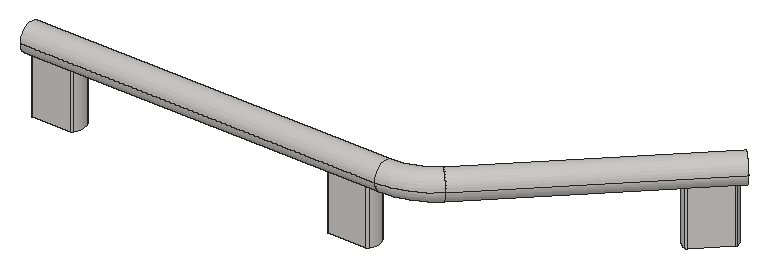
Revit family "135LH", category Plumbing Fixtures, host Face, Revit 2016
Family settings
  Host = Face
  Part Type = Normal
  Round Connector Dimension = Use Radius
  OmniClass Number = 23.40.20.21.47
  OmniClass Title = Bath Grab Bars
  Cut with Voids When Loaded = No
  Shared = No
  Room Calculation Point = No
Parameters (values of type "OPAL SUPPORT RAIL 135 DEG LH")
  Waste Connection = no
  Vent Connection = no
  URL = "https://www.caroma.com.au/"
  Rail_Height = 75 mm
  Model = "687378C"
  Material_Base = GWA_Metal-Stainless
  Manufacturer = "GWA Bathrooms & Kitchens"  # constant formula
  HW Connection = no
  Description = "Opal Support Rail 135 Deg LH"
  Default Elevation = 0 mm
  CreatedBy_ANZRS = "GWA Bathrooms & Kitchens"  # constant formula
  CW Connection = no
  Assembly Code = "C1030200"
Reference planes
  plane 1 "Center (Front/Back)": y = 0
  plane 2: z = 0
  plane 3 "Center (Left/Right)": x = 0
  plane 4 "Rail_Centre": z = 75
Forms (mm)
  Extrusion 1, solid, material "GWA_Metal-Stainless" <- "Material_Base"
    sketch origin (-225, 0, 0) x (1, 0, 0) y (0, 1, 0)
      loop
        line (246.722, 11.5) -> (203.278, 11.5)
        arc (203.278, 11.5) -> (201.778, 11.098) -> (200.679, 10) r 3
        arc (200.679, 10) -> (198, 0) -> (200.679, -10) r 20
        arc (200.679, -10) -> (201.778, -11.098) -> (203.278, -11.5) r 3
        line (203.278, -11.5) -> (246.722, -11.5)
        arc (246.722, -11.5) -> (248.222, -11.098) -> (249.321, -10) r 3
        arc (249.321, -10) -> (252, 0) -> (249.321, 10) r 20
        arc (249.321, 10) -> (248.222, 11.098) -> (246.722, 11.5) r 3
    from 0 to 75
  Extrusion 2, solid, material "GWA_Metal-Stainless" <- "Material_Base"
    sketch origin (120, 0, 0) x (1, 0, 0) y (0, 1, 0)
      loop
        line (246.722, 11.5) -> (203.278, 11.5)
        arc (203.278, 11.5) -> (201.778, 11.098) -> (200.679, 10) r 3
        arc (200.679, 10) -> (198, 0) -> (200.679, -10) r 20
        arc (200.679, -10) -> (201.778, -11.098) -> (203.278, -11.5) r 3
        line (203.278, -11.5) -> (246.722, -11.5)
        arc (246.722, -11.5) -> (248.222, -11.098) -> (249.321, -10) r 3
        arc (249.321, -10) -> (252, 0) -> (249.321, 10) r 20
        arc (249.321, 10) -> (248.222, 11.098) -> (246.722, 11.5) r 3
    from 0 to 75
  Extrusion 3, solid, material "GWA_Metal-Stainless" <- "Material_Base"
    sketch origin (444.648, 34.648, 0) x (0.707107, 0.707107, 0) y (-0.707107, 0.707107, 0)
      loop
        line (246.722, 11.5) -> (203.278, 11.5)
        arc (203.278, 11.5) -> (201.778, 11.098) -> (200.679, 10) r 3
        arc (200.679, 10) -> (198, 0) -> (200.679, -10) r 20
        arc (200.679, -10) -> (201.778, -11.098) -> (203.278, -11.5) r 3
        line (203.278, -11.5) -> (246.722, -11.5)
        arc (246.722, -11.5) -> (248.222, -11.098) -> (249.321, -10) r 3
        arc (249.321, -10) -> (252, 0) -> (249.321, 10) r 20
        arc (249.321, 10) -> (248.222, 11.098) -> (246.722, 11.5) r 3
    from 0 to 75
  Sweep 4, solid, material "GWA_Metal-Stainless" <- "Material_Base"
    path origin (0, 0, 75) x (-1, 0, 0) y (0, -1, 0)
      loop
        line (33, 0) -> (-380.177, 0)
        arc (-380.177, 0) -> (-407.73, -5.481) -> (-431.088, -21.088) r 72
        line (-431.088, -21.088) -> (-627.082, -217.082)
    profile origin (173.588, 0, 75) x (0, 1, 0) y (0, 0, 1)
      loop
        circle (0, 0) r 16
Lines and regions (mm)
  Masking region 1
    outline origin (0, 0, 0) x (0, 1, 0) y (0, 0, 1)
      loop
        line (218.118, 0) -> (218.118, 59.067)
        spline (218.118, 59.067) -> (220.917, 59.947) -> (223.47, 61.795) -> (225.613, 64.49) -> (227.207, 67.861) -> (228.151, 71.691) -> (228.384, 75.733) -> (227.89, 79.728) -> (226.702, 83.42) -> (224.896, 86.57) -> (222.588, 88.977) -> (219.926, 90.486) -> (217.082, 91)
        line (217.082, 91) -> (0, 91)
        arc (0, 91) -> (-14.731, 81.245) -> (-11.5, 63.876) r 16
        line (-11.5, 63.876) -> (-11.5, 0) -> (11.5, 0) -> (11.5, 59) -> (169.377, 59) -> (169.377, 0) -> (218.118, 0)
  Masking region 2
    outline origin (0, 0, 75) x (-1, 0, 0) y (0, -1, 0)
      loop
        line (33, -16) -> (33, 16) -> (-380.177, 16)
        arc (-380.177, 16) -> (-413.853, 9.301) -> (-442.402, -9.775) r 88
        line (-442.402, -9.775) -> (-638.395, -205.768) -> (-615.768, -228.395) -> (-419.775, -32.402)
        arc (-419.775, -32.402) -> (-401.607, -20.263) -> (-380.177, -16) r 56
        line (-380.177, -16) -> (33, -16)
  Masking region 3
    outline origin (0, 0, 0) x (1, 0, 0) y (0, 0, 1)
      loop
        line (-27, 0) -> (27, 0) -> (27, 59) -> (318, 59) -> (318, 0) -> (372, 0) -> (372, 59) -> (579.372, 59) -> (579.372, 0) -> (628.118, 0) -> (628.118, 59.067)
        spline (628.118, 59.067) -> (630.917, 59.947) -> (633.47, 61.795) -> (635.613, 64.49) -> (637.207, 67.861) -> (638.151, 71.691) -> (638.384, 75.733) -> (637.89, 79.728) -> (636.702, 83.42) -> (634.896, 86.57) -> (632.588, 88.977) -> (629.926, 90.486) -> (627.082, 91)
        line (627.082, 91) -> (-33, 91) -> (-33, 59) -> (-27, 59) -> (-27, 0)
  symbolic lines
    curve 1: line (0, 11.5, 0) -> (0, 11.5, 59)
    curve 2: line (0, 11.5, 0) -> (0, -11.5, 0)
    curve 3: line (0, -11.5, 0) -> (0, -11.5, 63.876)
    curve 4: circle (0, 0, 75) r 16 normal (1, 0, 0)
    curve 5: line (0, 0, 91) -> (0, 217.082, 91)
    curve 6: line (0, 0, 59) -> (0, 169.377, 59)
    curve 7: line (0, 169.377, 0) -> (0, 169.377, 63.076)
    curve 8: line (0, 218.118, 0) -> (0, 218.118, 59.067)
    curve 9: spline (0, 205.768, 75) -> (0, 206.154, 70.859) -> (0, 207.284, 67) -> (0, 209.082, 63.686) -> (0, 211.425, 61.144) -> (0, 214.154, 59.545) -> (0, 217.082, 59) -> (0, 220.01, 59.545) -> (0, 222.739, 61.144) -> (0, 225.082, 63.686) -> (0, 226.88, 67) -> (0, 228.01, 70.859) -> (0, 228.395, 75)
    curve 10: spline (0, 228.395, 75) -> (0, 228.01, 79.141) -> (0, 226.88, 83) -> (0, 225.082, 86.314) -> (0, 222.739, 88.856) -> (0, 220.01, 90.455) -> (0, 217.082, 91) -> (0, 214.154, 90.455) -> (0, 211.425, 88.856) -> (0, 209.082, 86.314) -> (0, 207.284, 83) -> (0, 206.154, 79.141) -> (0, 205.768, 75)
    curve 11: line (0, 170.177, 63.876) -> (0, 201.06, 63.876)
    curve 12: arc (0, 169.377, 63.076) -> (0, 169.611, 63.641) -> (0, 170.177, 63.876) r 0.8
    curve 13: line (0, 217.082, 59) -> (0, 212.741, 59)
    curve 14: spline (0, 201.06, 63.876) -> (0, 201.281, 63.84) -> (0, 201.512, 63.787) -> (0, 201.749, 63.719) -> (0, 201.992, 63.634) -> (0, 202.237, 63.535) -> (0, 202.483, 63.422) -> (0, 202.728, 63.296) -> (0, 202.969, 63.157) -> (0, 203.206, 63.008) -> (0, 203.435, 62.848) -> (0, 203.655, 62.681) -> (0, 203.865, 62.506)
    curve 15: arc (0, 212.741, 59) -> (0, 210.9, 59.18) -> (0, 209.128, 59.711) r 9.53
    curve 16: arc (0, 209.128, 59.711) -> (0, 206.427, 60.978) -> (0, 203.865, 62.506) r 30.052
    curve 17: line (-33, 16, 75) -> (380.177, 16, 75)
    curve 18: line (-33, -16, 75) -> (380.177, -16, 75)
    curve 19: line (638.395, 205.768, 75) -> (442.402, 9.775, 75)
    curve 20: line (638.395, 205.768, 75) -> (615.768, 228.395, 75)
    curve 21: line (615.768, 228.395, 75) -> (419.775, 32.402, 75)
    curve 22: line (-33, 16, 75) -> (-33, -16, 75)
    curve 23: arc (380.177, 16, 75) -> (401.607, 20.263, 75) -> (419.775, 32.402, 75) r 56
    curve 24: arc (380.177, -16, 75) -> (413.853, -9.301, 75) -> (442.402, 9.775, 75) r 88
    curve 25: line (-27, 0, 0) -> (-27, 0, 59)
    curve 26: line (-27, 0, 0) -> (27, 0, 0)
    curve 27: line (27, 0, 0) -> (27, 0, 59)
    curve 28: line (21.774, 0, 63.876) -> (-21.774, 0, 63.876)
    curve 29: line (-27, 0, 59) -> (-24.152, 0, 62.704)
    curve 30: arc (-21.774, 0, 63.876) -> (-23.099, 0, 63.567) -> (-24.152, 0, 62.704) r 3
    curve 31: line (27, 0, 59) -> (24.152, 0, 62.704)
    curve 32: arc (21.774, 0, 63.876) -> (23.099, 0, 63.567) -> (24.152, 0, 62.704) r 3
    curve 33: line (318, 0, 0) -> (318, 0, 59)
    curve 34: line (318, 0, 0) -> (372, 0, 0)
    curve 35: line (372, 0, 0) -> (372, 0, 59)
    curve 36: line (366.774, 0, 63.876) -> (323.226, 0, 63.876)
    curve 37: line (318, 0, 59) -> (320.848, 0, 62.704)
    curve 38: arc (323.226, 0, 63.876) -> (321.901, 0, 63.567) -> (320.848, 0, 62.704) r 3
    curve 39: line (372, 0, 59) -> (369.152, 0, 62.704)
    curve 40: arc (366.774, 0, 63.876) -> (368.099, 0, 63.567) -> (369.152, 0, 62.704) r 3
    curve 41: line (-33, 0, 59) -> (-33, 0, 91)
    curve 42: line (-33, 0, 91) -> (627.082, 0, 91)
    curve 43: line (-33, 0, 59) -> (-27, 0, 59)
    curve 44: line (27, 0, 59) -> (318, 0, 59)
    curve 45: line (372, 0, 59) -> (579.372, 0, 59)
    curve 46: spline (615.768, 0, 75) -> (616.154, 0, 79.141) -> (617.284, 0, 83) -> (619.082, 0, 86.314) -> (621.425, 0, 88.856) -> (624.154, 0, 90.455) -> (627.082, 0, 91) -> (630.01, 0, 90.455) -> (632.739, 0, 88.856) -> (635.082, 0, 86.314) -> (636.88, 0, 83) -> (638.01, 0, 79.141) -> (638.395, 0, 75)
    curve 47: spline (638.395, 0, 75) -> (638.01, 0, 70.859) -> (636.88, 0, 67) -> (635.082, 0, 63.686) -> (632.739, 0, 61.144) -> (630.01, 0, 59.545) -> (627.082, 0, 59) -> (624.154, 0, 59.545) -> (621.425, 0, 61.144) -> (619.082, 0, 63.686) -> (617.284, 0, 67) -> (616.154, 0, 70.859) -> (615.768, 0, 75)
    curve 48: line (611.021, 0, 63.882) -> (580.172, 0, 63.882)
    curve 49: spline (613.791, 0, 62.577) -> (613.573, 0, 62.734) -> (613.347, 0, 62.886) -> (613.113, 0, 63.032) -> (612.875, 0, 63.17) -> (612.634, 0, 63.299) -> (612.391, 0, 63.419) -> (612.15, 0, 63.527) -> (611.911, 0, 63.624) -> (611.677, 0, 63.709) -> (611.449, 0, 63.78) -> (611.23, 0, 63.838) -> (611.021, 0, 63.882)
    curve 50: line (628.118, 0, 0) -> (628.118, 0, 59.067)
    curve 51: line (627.082, 0, 59) -> (622.777, 0, 59)
    curve 52: arc (622.777, 0, 59) -> (621.028, 0, 59.163) -> (619.34, 0, 59.646) r 9.47
    curve 53: arc (619.34, 0, 59.646) -> (616.481, 0, 60.952) -> (613.791, 0, 62.577) r 27.463
    curve 54: line (579.372, 0, 63.082) -> (579.372, 0, 0)
    curve 55: arc (580.172, 0, 63.882) -> (579.606, 0, 63.648) -> (579.372, 0, 63.082) r 0.8
    curve 56: line (628.118, 0, 0) -> (579.372, 0, 0)
Dimensions and locks
  "Rail_Height": plane 4 "Rail_Centre" to host face
  aligned and locked: plane 2 to host face
  aligned and locked: level to host face
  aligned and locked: curve 54 to Masking region 3 sketch curve
Automatic sketch dimensions
  curve 3 to level = 0 mm
  curve 4 to plane 1 "Center (Front/Back)" = 0 mm
  curve 5 to plane 1 "Center (Front/Back)" = 0 mm
  curve 6 to plane 1 "Center (Front/Back)" = 0 mm
  curve 7 to level = 0 mm
  curve 9 to plane 4 "Rail_Centre" = 0 mm
  curve 8 to level = 0 mm
  curve 4 to plane 4 "Rail_Centre" = 0 mm
  plane 1 "Center (Front/Back)" to curve 2 = 11.5 mm
  curve 1 to plane 1 "Center (Front/Back)" = 11.5 mm
  curve 7 to plane 4 "Rail_Centre" = 11.924 mm
  curve 1 to curve 7 = 157.877 mm
  curve 12 to curve 12 = 0.8 mm
  curve 11 to curve 11 = 30.883 mm
  curve 14 to curve 13 = 11.681 mm
  plane 4 "Rail_Centre" to curve 16 = 12.52 mm
  curve 15 to curve 16 = 7.78 mm
  curve 13 to curve 14 = 4.876 mm
  curve 15 to plane 4 "Rail_Centre" = 6.47 mm
  curve 14 to curve 11 = 1.309 mm
  curve 14 to curve 14 = 1.281 mm
  curve 14 to curve 14 = 1.524 mm
  curve 9 to curve 15 = 6.973 mm
  curve 16 to curve 15 = 0 mm
  curve 15 to curve 9 = 4.341 mm
  curve 5 to curve 16 = 3.439 mm
  curve 13 to curve 9 = 0 mm
  curve 10 to curve 8 = 1.036 mm
  curve 10 to curve 13 = 0 mm
  curve 25 to level = 0 mm
  curve 34 to level = 0 mm
  curve 47 to plane 4 "Rail_Centre" = 0 mm
  curve 50 to level = 0 mm
  curve 34 to curve 54 = 207.372 mm
  curve 39 to plane 4 "Rail_Centre" = 12.296 mm
  curve 39 to curve 45 = 2.848 mm
  curve 40 to curve 40 = 2.378 mm
  curve 38 to plane 4 "Rail_Centre" = 14.124 mm
  curve 38 to curve 40 = 43.547 mm
  curve 37 to plane 4 "Rail_Centre" = 12.296 mm
  curve 37 to curve 38 = 2.378 mm
  curve 33 to curve 38 = 2.848 mm
  plane 3 "Center (Left/Right)" to curve 26 = 27 mm
  curve 31 to curve 44 = 2.848 mm
  curve 28 to curve 31 = 2.378 mm
  curve 28 to plane 4 "Rail_Centre" = 11.124 mm
  curve 28 to plane 3 "Center (Left/Right)" = 21.774 mm
  curve 29 to plane 4 "Rail_Centre" = 12.296 mm
  curve 29 to curve 30 = 2.378 mm
  curve 29 to curve 30 = 2.848 mm
  curve 42 to curve 28 = 11.226 mm
  curve 54 to curve 55 = 0.8 mm
  curve 48 to plane 4 "Rail_Centre" = 11.118 mm
  curve 48 to curve 48 = 30.848 mm
  curve 48 to curve 51 = 11.756 mm
  curve 54 to curve 50 = 48.746 mm
  plane 4 "Rail_Centre" to curve 53 = 10.236 mm
  curve 52 to curve 53 = 6.531 mm
  curve 45 to curve 39 = 3.704 mm
  curve 31 to curve 32 = 4.876 mm
  curve 51 to curve 48 = 4.882 mm
  curve 41 to curve 30 = 3.704 mm
  curve 32 to curve 32 = 3 mm
  curve 52 to plane 4 "Rail_Centre" = 6.53 mm
  plane 4 "Rail_Centre" to curve 41 = 16 mm
  curve 48 to curve 49 = 1.474 mm
  curve 49 to curve 49 = 1.296 mm
  curve 53 to curve 49 = 1.352 mm
  curve 47 to curve 52 = 7.009 mm
  curve 53 to curve 52 = 0 mm
  curve 51 to curve 50 = 1.036 mm
  curve 42 to curve 53 = 2.226 mm
  curve 52 to curve 47 = 4.305 mm
  host sketch curve to host sketch curve = 2438.4 mm  (x2)
  curve 23 to curve 24 = 0 mm  (x2)
  curve 20 to plane 1 "Center (Front/Back)" = 205.768 mm
  plane 3 "Center (Left/Right)" to curve 20 = 638.395 mm
  curve 21 to plane 1 "Center (Front/Back)" = 228.395 mm
  curve 19 to curve 21 = 22.627 mm
  curve 19 to plane 1 "Center (Front/Back)" = 9.775 mm
  curve 21 to plane 1 "Center (Front/Back)" = 32.402 mm
  plane 1 "Center (Front/Back)" to curve 18 = 16 mm
  curve 21 to curve 18 = 39.598 mm
  curve 22 to plane 3 "Center (Left/Right)" = 33 mm
  Masking region 1 sketch curve to level = 0 mm  (x2)
  Masking region 1 sketch curve to plane 1 "Center (Front/Back)" = 0 mm
  Masking region 1 sketch curve to plane 4 "Rail_Centre" = 0 mm  (x2)
  plane 1 "Center (Front/Back)" to Masking region 1 sketch curve = 11.5 mm
  Masking region 1 sketch curve to plane 1 "Center (Front/Back)" = 11.5 mm
  Masking region 1 sketch curve to plane 4 "Rail_Centre" = 16 mm
  Masking region 1 sketch curve to Masking region 1 sketch curve = 157.877 mm
  Masking region 1 sketch curve to Masking region 1 sketch curve = 47.705 mm
  Masking region 1 sketch curve to Masking region 1 sketch curve = 48.741 mm
  Masking region 1 sketch curve to plane 4 "Rail_Centre" = 15.933 mm
  Masking region 1 sketch curve to Masking region 1 sketch curve = 11.124 mm
  plane 1 "Center (Front/Back)" to Extrusion 1 sketch curve = 0 mm  (x2)
  Extrusion 1 sketch curve to plane 1 "Center (Front/Back)" = 8.5 mm
  Extrusion 1 sketch curve to plane 3 "Center (Left/Right)" = 21.722 mm
  plane 1 "Center (Front/Back)" to Extrusion 1 sketch curve = 8.5 mm  (x2)
  Extrusion 1 sketch curve to Extrusion 1 sketch curve = 0 mm  (x3)
  Extrusion 1 sketch curve to plane 3 "Center (Left/Right)" = 7 mm
  plane 3 "Center (Left/Right)" to Extrusion 1 sketch curve = 7 mm
  Extrusion 1 sketch curve to Extrusion 1 sketch curve = 14.722 mm  (x2)
  Extrusion 1 sketch curve to plane 1 "Center (Front/Back)" = 11.5 mm
  Extrusion 1 sketch curve to Extrusion 1 sketch curve = 3 mm  (x2)
  plane 1 "Center (Front/Back)" to Extrusion 2 sketch curve = 0 mm  (x2)
  Extrusion 2 sketch curve to plane 1 "Center (Front/Back)" = 8.5 mm
  plane 3 "Center (Left/Right)" to Extrusion 2 sketch curve = 323.278 mm
  plane 1 "Center (Front/Back)" to Extrusion 2 sketch curve = 8.5 mm  (x2)
  Extrusion 2 sketch curve to Extrusion 2 sketch curve = 0 mm  (x3)
  Extrusion 2 sketch curve to Extrusion 2 sketch curve = 14.722 mm  (x3)
  Extrusion 2 sketch curve to Extrusion 2 sketch curve = 14 mm
  Extrusion 2 sketch curve to plane 1 "Center (Front/Back)" = 11.5 mm
  Extrusion 2 sketch curve to Extrusion 2 sketch curve = 3 mm  (x2)
  Extrusion 3 sketch curve to plane 1 "Center (Front/Back)" = 184.398 mm
  plane 3 "Center (Left/Right)" to Extrusion 3 sketch curve = 582.377 mm
  Extrusion 3 sketch curve to Extrusion 3 sketch curve = 0 mm  (x5)
  Extrusion 3 sketch curve to Extrusion 3 sketch curve = 14.722 mm  (x3)
  Extrusion 3 sketch curve to Extrusion 3 sketch curve = 14 mm
  Extrusion 3 sketch curve to Extrusion 3 sketch curve = 8.5 mm
  Extrusion 3 sketch curve to Extrusion 3 sketch curve = 17 mm  (x2)
  Extrusion 3 sketch curve to Extrusion 3 sketch curve = 3 mm  (x2)
  plane 1 "Center (Front/Back)" to Sweep 4 sketch curve = 0 mm
  Sweep 4 sketch curve to plane 1 "Center (Front/Back)" = 21.088 mm
  plane 3 "Center (Left/Right)" to Sweep 4 sketch curve = 431.088 mm
  Sweep 4 sketch curve to plane 1 "Center (Front/Back)" = 72 mm
  Sweep 4 sketch curve to plane 1 "Center (Front/Back)" = 217.082 mm
  Sweep 4 sketch curve to Sweep 4 sketch curve = 195.993 mm
  Sweep 4 sketch curve to plane 3 "Center (Left/Right)" = 33 mm
  Sweep 4 sketch curve to profile plane = 0 mm  (x2)
  Masking region 2 sketch curve to Masking region 2 sketch curve = 0 mm  (x2)
  Masking region 2 sketch curve to plane 1 "Center (Front/Back)" = 205.768 mm
  plane 3 "Center (Left/Right)" to Masking region 2 sketch curve = 638.395 mm
  Masking region 2 sketch curve to plane 1 "Center (Front/Back)" = 228.395 mm
  Masking region 2 sketch curve to Masking region 2 sketch curve = 22.627 mm
  Masking region 2 sketch curve to plane 1 "Center (Front/Back)" = 9.775 mm
  Masking region 2 sketch curve to plane 1 "Center (Front/Back)" = 32.402 mm
  plane 1 "Center (Front/Back)" to Masking region 2 sketch curve = 16 mm
  Masking region 2 sketch curve to Masking region 2 sketch curve = 39.598 mm
  Masking region 2 sketch curve to plane 3 "Center (Left/Right)" = 33 mm
  Masking region 3 sketch curve to level = 0 mm  (x3)
  Masking region 3 sketch curve to plane 4 "Rail_Centre" = 0 mm
  plane 4 "Rail_Centre" to Masking region 3 sketch curve = 16 mm
  Masking region 3 sketch curve to plane 3 "Center (Left/Right)" = 33 mm
  Masking region 3 sketch curve to Masking region 3 sketch curve = 6 mm
  plane 3 "Center (Left/Right)" to Masking region 3 sketch curve = 27 mm
  Masking region 3 sketch curve to Masking region 3 sketch curve = 291 mm
  Masking region 3 sketch curve to plane 4 "Rail_Centre" = 16 mm  (x3)
  Masking region 3 sketch curve to Masking region 3 sketch curve = 54 mm
  Masking region 3 sketch curve to Masking region 3 sketch curve = 207.372 mm
  Masking region 3 sketch curve to Masking region 3 sketch curve = 47.71 mm
  Masking region 3 sketch curve to Masking region 3 sketch curve = 48.746 mm
  Masking region 3 sketch curve to Masking region 3 sketch curve = 15.933 mm
  radius of Sweep 4 sketch curve = 16 mm
